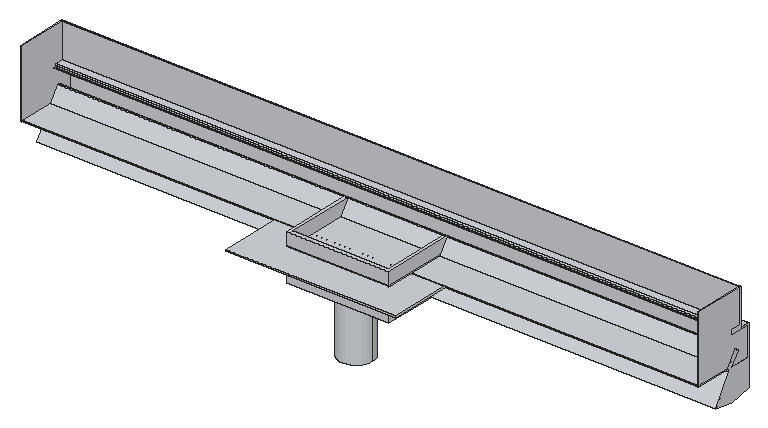
Revit family "RS772KWWandschlitzrinne Vorwand", category Sanitärinstallationen, Revit 2020
Family settings
  Bemaßung runder Anschluss = Durchmesser verwenden
  Teiletyp = Normal
  Arbeitsebenenbasiert = Nein
  Immer vertikal = Ja
  Beim Laden mit Abzugskörper schneiden = Nein
  Gemeinsam genutzt = Nein
  Raumberechnungspunkt = Nein
Parameters
  Übergangsbride [instance] = no
  Vorgabe-Ansicht = 0 mm
  Verbindungsbügel [instance] = L Links + L Rechts  # 1000 mm
  URL = "https://www.resitec.ch/"
  Rost innen ref [instance] = 10 mm
  Rinnen Breite rechts [instance] = 500 mm
  Rinnen Breite links [instance] = 500 mm
  RS_s002 = 1.8 mm
  RS_s001 = 3 mm  # constant formula
  RS_rechtsKR [instance] = L Rechts + RS_KR  # 550 mm
  RS_min80 [instance] = 67 mm
  RS_linksKR [instance] = L Links + RS_KR  # 550 mm
  RS_hts [instance] = 3 mm
  RS_dpschon [instance] = yes
  RS_dimmin95 [instance] = 100 mm
  RS_dimk001 = 115 mm  # constant formula
  RS_dim001 = 20 mm  # constant formula
  RS_dim002 [instance] = 32 mm
  RS_dim003 [instance] = 67 mm
  RS_dia002 = 110 mm
  RS_dia001 = 227.5 mm
  RS_breite Rand [instance] = 50 mm  # constant formula
  RS_RohrL [instance] = 200 mm
  RS_KRvorne [instance] = 79.3 mm  # constant formula
  RS_KRr [instance] = yes
  RS_KRon [instance] = Kleberand  # yes
  RS_KRl [instance] = yes
  RS_KRhinten [instance] = 14 mm  # constant formula
  RS_KR [instance] = 50 mm  # constant formula
  RS_HZarge [instance] = 79.5 mm
  RS_DN2 = 0 mm
  RS_DN1d [instance] = D  # 48.5 mm
  RS_DN1 = 100 mm  # constant formula
  RS_URL = "https://resitec.ch/entwaesserungstechnik/entwaesserungsrinnen/"
  RS_Rost_Typ [instance] = ""
  RS_Manufacture = "Resitec"  # constant formula
  RS_Description [instance] = ""
  RS_Articelnumber [instance] = "Wandschlitzrinne"
  Länge Rohr [instance] = 150 mm
  L Rechts Innen ref [instance] = L Rechts  # 500 mm
  L Rechts [instance] = Rinnen Breite rechts  # 500 mm
  L Links innen ref [instance] = L Links  # 500 mm
  L Links [instance] = Rinnen Breite links  # 500 mm
  Kleberand [instance] = yes
  Hersteller = RS_Manufacture  # "Resitec"
  D [instance] = 48.5 mm
  Breite Innen ref [instance] = 12 mm  # constant formula
  Breite Aussen ref [instance] = 112 mm
  Description = ""
  Baugruppenkennzeichen = "D2030300"
  Anschlusswert DU L/s = 0
  Abdeckung für wählbare Oberfläche [instance] = yes
Reference planes
  plane 1 "Mitte (Vorne/hinten)": y = 0
  plane 2: z = 0
  plane 3 "Mitte (Links/rechts)": x = 0
  plane 4 "Lend": x = -500
  plane 5 "Rend": x = 500
  plane 6: x = -500
  plane 7: x = 500
  plane 8 "ebeneKBlech": z = -20
  plane 9 "lvdim002": z = -32
  plane 10: y = 14
  plane 11: x = 550
  plane 12: y = -79.3
  plane 13: x = -550
  plane 14: z = -150
  plane 15: x = -498.2
  plane 16: x = 498.2
  plane 17: z = -67
  plane 18 "min80": z = -67
  plane 19: z = 79.5
  plane 20: x = -75.5
  plane 21: x = 75.5
  plane 22: y = -116.5
  plane 23: y = -83
  plane 24: y = -15.685
  plane 25: y = -166.5
  plane 26: x = -125.5
  plane 27: x = 125.5
  plane 28: z = 23
  plane 29: z = 29.5
  plane 30: z = -61
Forms (mm)
  Extrusion 1, solid
    sketch origin (-113.75, 233.125, 1200) x (0, 1, 0) y (0, 0, 1)
      loop
        line (-233.125, -1220) -> (-349.625, -1220) -> (-349.625, -1267) -> (-233.125, -1267) -> (-233.125, -1220)
    from 38.25 to 189.25
  Extrusion 2, solid
    sketch origin (0, 0, -32) x (-1, 0, 0) y (0, -1, 0)
      loop
        circle (0, 83) r 24.25
    from -118 to -35
  Extrusion 3, solid
    sketch origin (0, 0, 0) x (0, 1, 0) y (0, 0, 1)
      loop
        line (0, 79.5) -> (-1.8, 79.5) -> (-1.8, 29.5) -> (-13.885, 29.5)
        arc (-13.885, 29.5) -> (-15.158, 28.973) -> (-15.685, 27.7) r 1.8
        line (-15.685, 27.7) -> (-15.685, 24.8)
        arc (-15.685, 24.8) -> (-15.158, 23.527) -> (-13.885, 23) r 1.8
        line (-13.885, 23) -> (12.2, 23) -> (12.2, -20) -> (-17.933, -20) -> (-6.184, -3.222)
        arc (-6.184, -3.222) -> (-5.895, -1.832) -> (-6.701, -0.665) r 1.8
        line (-6.701, -0.665) -> (-8.936, 0.739)
        arc (-8.936, 0.739) -> (-10.251, 0.979) -> (-11.368, 0.247) r 1.8
        line (-11.368, 0.247) -> (-24.285, -18.2) -> (-76.485, -18.2) -> (-76.485, -20) -> (-21.031, -20) -> (-21.031, -24.425) -> (-46.641, -61) -> (-15.685, -67) -> (14, -61) -> (14, 25.493) -> (0, 25.493) -> (0, 79.5)
    from -500 to 500
  Extrusion 4, solid
    sketch origin (0, 0, -20) x (-1, 0, 0) y (0, -1, 0)
      loop
        line (125.5, 76.485) -> (125.5, 166.5) -> (-125.5, 166.5) -> (-125.5, 76.485) -> (-75.5, 76.485) -> (-75.5, 116.5) -> (75.5, 116.5) -> (75.5, 76.485) -> (125.5, 76.485)
    from 0 to 1.8 <- "RS_s002"
  Extrusion 5, solid, visible <- "Abdeckung für wählbare Oberfläche"
    sketch origin (0, 0, -20) x (-1, 0, 0) y (0, -1, 0)
      loop
        line (75.5, 116.5) -> (-75.5, 116.5) -> (-75.5, 10.19) -> (-70.5, 10.19) -> (-70.5, 111.5) -> (70.5, 111.5) -> (70.5, 10.19) -> (75.5, 10.19) -> (75.5, 116.5)
    from 0 to 21
  Extrusion 6, solid
    sketch origin (0, 0, -20) x (-1, 0, 0) y (0, -1, 0)
      loop
        line (75.5, 20) -> (75.5, 116.5) -> (-75.5, 116.5) -> (-75.5, 20) -> (75.5, 20)
    from 0 to 2.3
  Extrusion 7, solid, visible <- "RS_KRl"
    sketch origin (-500, 0, 0) x (0, 1, 0) y (0, 0, 1)
      loop
        line (14, 25.493) -> (0, 25.493) -> (0, 79.5) -> (-76.485, 79.5) -> (-76.485, 23) -> (-76.485, -20) -> (14, -20) -> (14, 25.493)
    from 0 to 1.8 <- "RS_s002"
  Extrusion 8, solid, visible <- "RS_KRr"
    sketch origin (998.2, 0, 0) x (0, 1, 0) y (0, 0, 1)
      loop
        line (14, 25.493) -> (0, 25.493) -> (0, 79.5) -> (-76.485, 79.5) -> (-76.485, 23) -> (-76.485, -20) -> (14, -20) -> (14, 25.493)
    from -500 to -498.2
Dimensions and locks
  "L Links": plane 4 "Lend" to plane 3 "Mitte (Links/rechts)"
  "L Rechts": plane 3 "Mitte (Links/rechts)" to plane 5 "Rend"
  "L Links innen ref": plane 6 to plane 3 "Mitte (Links/rechts)"
  "L Rechts Innen ref": plane 3 "Mitte (Links/rechts)" to plane 7
  "RS_dim001": level to plane 8 "ebeneKBlech"
  "RS_dim002": level to plane 9 "lvdim002"
  "RS_linksKR": plane 13 to plane 3 "Mitte (Links/rechts)"
  "RS_rechtsKR": plane 3 "Mitte (Links/rechts)" to plane 11
  "RS_KRhinten": plane 1 "Mitte (Vorne/hinten)" to plane 10
  "RS_KRvorne": plane 12 to plane 1 "Mitte (Vorne/hinten)"
  "RS_s002": plane 6 to plane 15
  "RS_s002": plane 16 to plane 7
  "RS_dim003": level to plane 17
  "Länge Rohr": level to plane 14
  "RS_min80": level to plane 18 "min80"
  Extrusion 1 sketch curve to Extrusion 1 sketch curve = 116.5 mm
  Extrusion 1 sketch curve to plane 1 "Mitte (Vorne/hinten)" to Extrusion 1 sketch curve = 0 mm, 116.5 mm
  "RS_HZarge": plane 19 to level
  plane 22 to plane 1 "Mitte (Vorne/hinten)" = 116.5 mm
  equal spacing: plane 20, plane 3 "Mitte (Links/rechts)", plane 21
  plane 20 to plane 21 = 151 mm
  plane 10 to plane 23 = 97 mm
  plane 1 "Mitte (Vorne/hinten)" to plane 10 = 14 mm
  plane 24 to plane 1 "Mitte (Vorne/hinten)" = 15.685 mm
  "RS_KR": plane 22 to plane 25
  "RS_KR": plane 26 to plane 20
  "RS_KR": plane 21 to plane 27
  locked: plane 28 to level at 23
  locked: plane 29 to plane 28 at 6.5
  "RS_s002": plane 1 "Mitte (Vorne/hinten)" to Extrusion 3 sketch curve
  "RS_s002": plane 10 to Extrusion 3 sketch curve
  "RS_s002": Extrusion 3 sketch curve to plane 8 "ebeneKBlech"
  Extrusion 3 sketch curve to Extrusion 3 sketch curve = 6.236 mm
  plane 24 to Extrusion 3 sketch curve = 60.8 mm
  plane 24 to Extrusion 3 sketch curve = 8.6 mm
  plane 1 "Mitte (Vorne/hinten)" to Extrusion 3 sketch curve = 21.031 mm
  plane 20 to Extrusion 5 sketch curve = 5 mm
  Extrusion 5 sketch curve to plane 21 = 5 mm
  Extrusion 5 sketch curve to plane 22 = 5 mm
  plane 10 to Extrusion 3 sketch curve = 60.641 mm
  plane 30 to plane 18 "min80" = 6 mm
  diameter of Extrusion 2 sketch curve = 48.5 mm
  "RS_s002": radius of Extrusion 3 sketch curve  (x4)
  angle Extrusion 3 sketch curve to Extrusion 3 sketch curve = 125.00°
  angle Extrusion 3 sketch curve to Extrusion 1 = 55.00°
  aligned and locked: level to plane 2
  aligned and locked: plane 18 "min80" to Extrusion 1 sketch curve
  aligned and locked: Extrusion 2 to plane 14
  aligned and locked: Extrusion 1 to plane 1 "Mitte (Vorne/hinten)"
  aligned and locked: Extrusion 1 to plane 22
  aligned and locked: plane 17 to Extrusion 2
  aligned and locked: plane 8 "ebeneKBlech" to Extrusion 1
  aligned and locked: plane 28 to Extrusion 3 sketch curve
  aligned and locked: plane 19 to Extrusion 3 sketch curve
  aligned and locked: Extrusion 3 sketch curve to plane 1 "Mitte (Vorne/hinten)"
  aligned and locked: plane 10 to Extrusion 3 sketch curve
  aligned and locked: plane 8 "ebeneKBlech" to Extrusion 3 sketch curve
  aligned and locked: plane 20 to Extrusion 5 sketch curve
  aligned and locked: Extrusion 5 sketch curve to Extrusion 1  (x2)
  aligned and locked: Extrusion 3 to plane 4 "Lend"
  aligned and locked: plane 5 "Rend" to Extrusion 3
  aligned and locked: Extrusion 7 sketch curve to Extrusion 3
  aligned and locked: Extrusion 7 to Extrusion 3
  aligned and locked: Extrusion 3 to Extrusion 8
  aligned and locked: plane 10 to Extrusion 8
  aligned and locked: Extrusion 8 to plane 1 "Mitte (Vorne/hinten)"
  aligned and locked: plane 16 to Extrusion 8
  aligned and locked: plane 5 "Rend" to Extrusion 8
Automatic sketch dimensions
  Extrusion 1 sketch curve to plane 8 "ebeneKBlech" = 0 mm
  Extrusion 2 sketch curve to plane 3 "Mitte (Links/rechts)" = 0 mm
  Extrusion 2 sketch curve to plane 23 = 0 mm
  Extrusion 3 sketch curve to plane 24 = 0 mm  (x2)
  Extrusion 3 sketch curve to plane 17 = 0 mm
  Extrusion 3 sketch curve to plane 30 = 0 mm  (x2)
  Extrusion 3 sketch curve to plane 8 "ebeneKBlech" = 0 mm
  Extrusion 3 sketch curve to plane 29 = 0 mm
  level to Extrusion 3 sketch curve = 0.247 mm
  level to Extrusion 3 sketch curve = 0.739 mm
  plane 28 to Extrusion 3 sketch curve = 2.493 mm
  Extrusion 4 sketch curve to plane 25 = 0 mm
  Extrusion 4 sketch curve to plane 27 = 0 mm
  Extrusion 4 sketch curve to plane 21 = 0 mm
  Extrusion 4 sketch curve to plane 20 = 0 mm
  Extrusion 4 sketch curve to plane 26 = 0 mm
  Extrusion 4 sketch curve to plane 22 = 0 mm
  Extrusion 4 sketch curve to plane 12 = 2.815 mm  (x2)
  plane 24 to Extrusion 5 sketch curve = 5.495 mm  (x2)
  Extrusion 6 sketch curve to plane 21 = 0 mm
  Extrusion 6 sketch curve to plane 20 = 0 mm
  Extrusion 6 sketch curve to plane 22 = 0 mm
  Extrusion 6 sketch curve to plane 24 = 4.315 mm
  Extrusion 7 sketch curve to plane 8 "ebeneKBlech" = 0 mm
  Extrusion 7 sketch curve to plane 19 = 0 mm
  Extrusion 7 sketch curve to plane 28 = 0 mm
  Extrusion 7 sketch curve to plane 1 "Mitte (Vorne/hinten)" = 0 mm
  Extrusion 7 sketch curve to plane 10 = 0 mm
  Extrusion 7 sketch curve to plane 12 = 2.815 mm
  Extrusion 8 sketch curve to plane 8 "ebeneKBlech" = 0 mm
  Extrusion 8 sketch curve to plane 19 = 0 mm
  Extrusion 8 sketch curve to plane 28 = 0 mm
  Extrusion 8 sketch curve to plane 1 "Mitte (Vorne/hinten)" = 0 mm
  Extrusion 8 sketch curve to plane 10 = 0 mm
  Extrusion 8 sketch curve to plane 12 = 2.815 mm
  plane 28 to Extrusion 8 sketch curve = 2.493 mm
